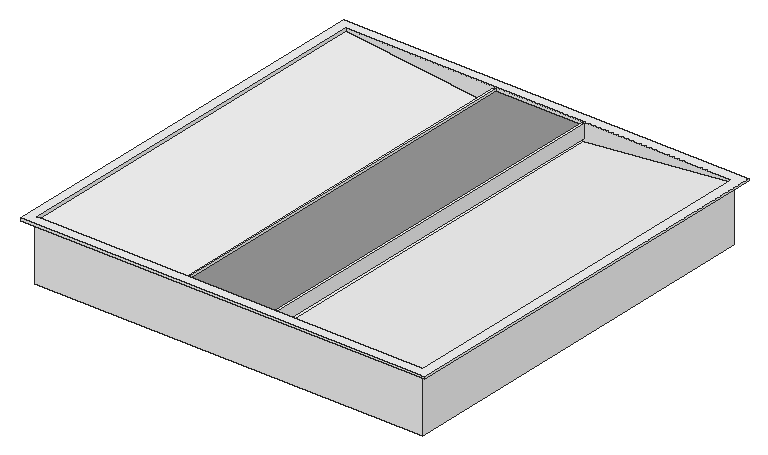
Revit family "2069242 Sylvania Lighting Fixture OFFICELYTE 600 HE 3K SSH01", category Lighting Fixtures, host Face, Revit 2017
Family settings
  Host = Face
  Round Connector Dimension = Use Diameter
  Part Type = Normal
  OmniClass Number = 23.80.70.11.17
  OmniClass Title = Specialized Lighting by Location or Use
  Cut with Voids When Loaded = No
  Light Source = Yes
  Shared = No
  Room Calculation Point = No
Parameters (values of type "2069242 OFFICELYTE 600 HE 3K SSH01")
  Width_SYL = 595.0 mm
  Weight = "6.1 kg"
  Wattage = 25 W
  WarrantyStartDate [instance] = "n/a"
  WarrantyGuarantorParts = "n/a"
  WarrantyDurationUnit = "n/a"
  WarrantyDurationParts = "n/a"
  WarrantyDescription = "n/a"
  built-in parameter 1150110 = 1 (stored number, unit not read)
  Voltage = 230 V
  URL = "http://www.sylvania-lighting.com"
  TypeName = "OFFICELYTE 600 HE 3K SSH01"
  built-in parameter 1114217 = 1 (stored number, unit not read)
  Tilt Angle = -90.00°
  built-in parameter 1150109 = 1 (stored number, unit not read)
  built-in parameter 1150134 = (empty or 0)
  built-in parameter 1150113 = 1 (stored number, unit not read)
  SerialNumber [instance] = "n/a"
  PowerFactor = 0.95
  PowerConsumption = "25 W"
  Photometric Web File = "2069242.ies"
  NominalWidth = 0.0 mm
  NominalLength = 595.0 mm
  NominalHeight = 87.0 mm
  Name = "OFFICELYTE 600 HE 3K SSH01"
  ModelReference = "OFFICELYTE 600 HE 3K SSH01"
  ModelNumber = "2069242"
  Material = "zintec housing, acrylic diffuser"
  ManufacturerName = "Feilo Sylvania"
  LuminousEfficacy = "134 lm/W"
  LuminaireType = ""
  LightOutputRatio = "100"
  Length_SYL = Width_SYL  # 595.0 mm
  LampsType = Lamp  # "LED"
  LampNominalLuminous = "3345 lm"
  LampMacAdamStep = "3"
  LampColourTemperature = "3000 K"
  LampColourRenderingIndex = "80"
  Keynote = "16500"
  InstallationDate [instance] = "n/a"
  InputVoltage = "230-240V~"
  InputNominalFrequency = "50/60 Hz"
  IngressProtection = "IP20"
  ImpactProtectionIndex = "IK02"
  IfcExportType = "IfcLightFixtureType"
  IfcExportAs = "IfcLightFixtureType"
  Height_SYL = 84.0 mm
  ExpectedLife = 50000
  ElectricShockClassification = "Class II"
  DurationUnit = "hours"
  DocumentationLiterature = "http://www.sylvania-lighting.com/product/en-int/products/2069242"
  DimmingControlOptions = "n/a"
  Material_2_SYL = Acrylic_Sylvania_Officelyte LP LED_Satin_4000K
  CreatedOn = "8/23/2018"
  CreatedBy = ""
  built-in parameter 1114216 [instance] = 1 (stored number, unit not read)
  Model = "OFFICELYTE 600 HE 3K SSH01"
  Manufacturer = "Havells-Sylvania Group"  # constant formula
  built-in parameter 1150105 = 266.58 (stored number, unit not read)
  Lumens = 3350 lm
  built-in parameter 1150115 = 1 (stored number, unit not read)
  built-in parameter 1150137 = (empty or 0)
  built-in parameter 1150139 = (empty or 0)
  built-in parameter 1150112 = 1 (stored number, unit not read)
  built-in parameter 1150114 = 1 (stored number, unit not read)
  Lamp = "LED"
  built-in parameter 1150132 = 2
  built-in parameter 1150102 = (empty or 0)
  built-in parameter 1150107 = 3000 (stored number, unit not read)
  built-in parameter 1150138 = (empty or 0)
  built-in parameter 1150106 = 2.6658 (stored number, unit not read)
  Material_3_SYL = Steel_Sylvania_Officelyte LP LED_White_RAL 9016
  Emit from Rectangle Width = Width_SYL - 31.0 mm  # 564.0 mm
  Emit from Rectangle Length = Length_SYL - 31.0 mm  # 564.0 mm
  Emit Shape Visible in Rendering = no
  built-in parameter 1150104 = 12.449 (stored number, unit not read)
  Dimming Lamp Color Temperature Shift = <None>
  Material_1_SYL = Steel_Sylvania_Officelyte LP LED_White_RAL 9016
  Description = "The Concord OFFICELYTE LP LED HO 4K 600 is a high efficient luminaire for Office, education, meeting rooms. With efficacy of 95lm/W, at 4549lm, CRI of 85 and a very low glare ratio according to EN12464."  # constant formula
  Default Elevation = 0.0 mm
  Color Filter = 16777215
  built-in parameter 1140040 [instance] = 1
  BarCode [instance] = "n/a"
  built-in parameter 1114218 = 1 (stored number, unit not read)
  built-in parameter 1150133 = 10 (stored number, unit not read)
  AssetType = "Fixed"
  AssetIdentifier [instance] = "n/a"
  Assembly Code = "D5020200"
  Apparent Load = 25 VA
Reference planes
  plane 1 "Center (Front/Back)": y = 0
  plane 2: z = 0
  plane 3 "Center (Left/Right)": x = 0
  plane 4 "Fixture Bottom": z = 3
  plane 5 "Fixture Right": x = 297.5
  plane 6 "Profile Right": x = 284
  plane 7 "Profile Left": x = -284
  plane 8 "Fixture Left": x = -297.5
  plane 9 "Profile Back": y = 284
  plane 10 "Fixture Back": y = 297.5
  plane 11 "Fixture Front": y = -297.5
  plane 12: z = -25
  plane 13 "Box Right": x = 286
  plane 14 "Box Left": x = -286
  plane 15 "Box Back": y = 286
  plane 16 "Box Front": y = -286
  plane 17: x = 66.5
  plane 18: x = -66.5
  plane 19 "Difuser Right": x = 63.5
  plane 20 "Difuser Left": x = -63.5
  plane 21: z = -2
  plane 22: z = -4
  plane 23 "Profile Front": y = -284
  plane 24 "Fixture Top": z = -84
  plane 25 "Box Thickness": z = -82
  plane 26: z = -20
Forms (mm)
  Extrusion 1, void
    sketch origin (0, 0, 59) x (-1, 0, 0) y (0, -1, 0)
      loop
        line (-286, -286) -> (286, -286) -> (286, 286) -> (-286, 286) -> (-286, -286)
    from -141 to -56
  Extrusion 2, solid, material "Steel_Sylvania_Officelyte LP LED_White_RAL 9016" <- "Material_3_SYL", detail levels fine
    sketch origin (20, 0, 59) x (-1, 0, 0) y (0, -1, 0)
      loop
        line (-277.5, -297.5) -> (317.5, -297.5) -> (317.5, 297.5) -> (-277.5, 297.5) -> (-277.5, -297.5)
      loop
        line (304, -284) -> (304, 284) -> (-264, 284) -> (-264, -284) -> (304, -284)
    from -59 to -56
  Extrusion 3, solid, material "Steel_Sylvania_Officelyte LP LED_White_RAL 9016" <- "Material_3_SYL", detail levels fine
    sketch origin (0, 0, 0) x (1, 0, 0) y (0, 0, 1)
      loop
        arc (-65.868, -23.244) -> (-175.523, -17.552) -> (-284, -0.537) r 1059.086
        line (-284, -0.537) -> (-284, -2.581)
        arc (-284, -2.581) -> (-175.521, -19.563) -> (-65.868, -25.244) r 1061.086
        line (-65.868, -25.244) -> (65.87, -25.244)
        arc (65.87, -25.244) -> (175.522, -19.563) -> (284, -2.581) r 1061.094
        line (284, -2.581) -> (284, -0.538)
        arc (284, -0.538) -> (175.524, -17.552) -> (65.87, -23.244) r 1059.094
        line (65.87, -23.244) -> (-65.868, -23.244)
    from -284 to 284
  Extrusion 4, solid, material "Steel_Sylvania_Officelyte LP LED_White_RAL 9016" <- "Material_3_SYL", detail levels fine
    sketch origin (0, 0, 59) x (-1, 0, 0) y (0, -1, 0)
      loop
        line (284, -284) -> (284, 284) -> (-284, 284) -> (-284, -284) -> (284, -284)
      loop
        line (286, -286) -> (286, 286) -> (-286, 286) -> (-286, -286) -> (286, -286)
    from -141 to -59
  Extrusion 5, solid, material "Steel_Sylvania_Officelyte LP LED_White_RAL 9016" <- "Material_3_SYL", detail levels fine
    sketch origin (0, 0, 59) x (-1, 0, 0) y (0, -1, 0)
      loop
        line (66.5, -284) -> (66.5, 284) -> (63.5, 284) -> (63.5, -284) -> (66.5, -284)
      loop
        line (-66.5, 284) -> (-66.5, -284) -> (-63.5, -284) -> (-63.5, 284) -> (-66.5, 284)
    from -79 to -59
  Extrusion 6, solid, material "Acrylic_Sylvania_Officelyte LP LED_Satin_4000K" <- "Material_2_SYL", detail levels fine
    sketch origin (0, 0, -581) x (-1, 0, 0) y (0, -1, 0)
      loop
        line (-63.5, -284) -> (63.5, -284) -> (63.5, 284) -> (-63.5, 284) -> (-63.5, -284)
    from 577 to 579
  Extrusion 7, solid, material "Steel_Sylvania_Officelyte LP LED_White_RAL 9016" <- "Material_1_SYL", detail levels coarse+medium
    sketch origin (0, 0, 59) x (-1, 0, 0) y (0, -1, 0)
      loop
        line (297.5, -297.5) -> (297.5, 297.5) -> (-297.5, 297.5) -> (-297.5, -297.5) -> (297.5, -297.5)
    from -59 to -56
  Extrusion 8, solid, material "Steel_Sylvania_Officelyte LP LED_White_RAL 9016" <- "Material_1_SYL", detail levels coarse+medium
    sketch origin (0, 0, -501) x (-1, 0, 0) y (0, -1, 0)
      loop
        line (286, -286) -> (286, 286) -> (-286, 286) -> (-286, -286) -> (286, -286)
    from 417 to 501
  Extrusion 9, solid, material "Steel_Sylvania_Officelyte LP LED_White_RAL 9016" <- "Material_3_SYL", detail levels fine
    sketch origin (0, 0, 59) x (-1, 0, 0) y (0, -1, 0)
      loop
        line (-286, -286) -> (286, -286) -> (286, 286) -> (-286, 286) -> (-286, -286)
    from -143 to -141
Cuts and joins
  joined: Extrusion 2, Extrusion 4, Extrusion 9
  joined: Extrusion 3, Extrusion 5
Lines and regions (mm)
  symbolic lines
    curve 1: line (-297.5, 297.5, 59) -> (297.5, 297.5, 59)
    curve 2: line (-297.5, -297.5, 59) -> (-297.5, 297.5, 59)
    curve 3: line (297.5, -297.5, 59) -> (-297.5, -297.5, 59)
    curve 4: line (297.5, 297.5, 59) -> (297.5, -297.5, 59)
Dimensions and locks
  "Height_SYL": host face to plane 24 "Fixture Top"
  locked: plane 25 "Box Thickness" to plane 24 "Fixture Top" at 2
  "Width_SYL": plane 10 "Fixture Back" to plane 11 "Fixture Front"
  "Length_SYL": plane 8 "Fixture Left" to plane 5 "Fixture Right"
  equal spacing: plane 10 "Fixture Back", plane 1 "Center (Front/Back)", plane 11 "Fixture Front"
  equal spacing: plane 8 "Fixture Left", plane 3 "Center (Left/Right)", plane 5 "Fixture Right"
  locked: plane 18 to plane 20 "Difuser Left" at 3
  locked: plane 19 "Difuser Right" to plane 17 at 3
  plane 8 "Fixture Left" to plane 14 "Box Left" to plane 7 "Profile Left" = 11.5 mm locked, 2.0 mm locked
  plane 10 "Fixture Back" to plane 15 "Box Back" to plane 9 "Profile Back" = 11.5 mm locked, 2.0 mm locked
  plane 6 "Profile Right" to plane 13 "Box Right" to plane 5 "Fixture Right" = 2.0 mm locked, 11.5 mm locked
  plane 23 "Profile Front" to plane 16 "Box Front" to plane 11 "Fixture Front" = 2.0 mm locked, 11.5 mm locked
  plane 4 "Fixture Bottom" to plane 2 to plane 21 to plane 22 to plane 12 = 3.0 mm locked, 2.0 mm locked, 2.0 mm locked, 21.0 mm locked
  aligned and locked: plane 2 to host face
  aligned and locked: level to host face
  aligned and locked: plane 1 "Center (Front/Back)" to imposter light
  aligned and locked: plane 10 "Fixture Back" to Extrusion 2
  aligned and locked: plane 8 "Fixture Left" to Extrusion 2
  aligned and locked: Extrusion 2 to plane 7 "Profile Left"
  aligned and locked: Extrusion 2 to plane 5 "Fixture Right"
  aligned and locked: plane 6 "Profile Right" to Extrusion 2
  aligned and locked: Extrusion 2 to plane 11 "Fixture Front"
  aligned and locked: plane 4 "Fixture Bottom" to Extrusion 2
  aligned and locked: plane 18 to Extrusion 5 sketch curve
  aligned and locked: Extrusion 5 sketch curve to plane 17
  aligned and locked: plane 19 "Difuser Right" to Extrusion 5 sketch curve
  aligned and locked: Extrusion 5 sketch curve to plane 20 "Difuser Left"
  aligned and locked: plane 19 "Difuser Right" to Extrusion 6 sketch curve
  aligned and locked: Extrusion 6 sketch curve to plane 20 "Difuser Left"
  aligned and locked: plane 21 to Extrusion 6
  aligned and locked: Extrusion 6 to plane 22
  aligned and locked: Extrusion 7 sketch curve to plane 10 "Fixture Back"
  aligned and locked: plane 5 "Fixture Right" to Extrusion 7 sketch curve
  aligned and locked: plane 11 "Fixture Front" to Extrusion 7 sketch curve
  aligned and locked: Extrusion 7 sketch curve to plane 8 "Fixture Left"
  aligned and locked: plane 4 "Fixture Bottom" to Extrusion 7
  aligned and locked: Extrusion 8 to plane 24 "Fixture Top"
  aligned and locked: level to Extrusion 8
  aligned and locked: plane 5 "Fixture Right" to curve 4
  aligned and locked: curve 1 to plane 10 "Fixture Back"
  aligned and locked: curve 2 to plane 8 "Fixture Left"
  aligned and locked: plane 11 "Fixture Front" to curve 3
  aligned and locked: plane 9 "Profile Back" to Extrusion 4
  aligned and locked: Extrusion 4 sketch curve to plane 9 "Profile Back"
  aligned and locked: Extrusion 4 to Extrusion 1
  aligned and locked: imposter light to Extrusion 1
  aligned and locked: Extrusion 9 to plane 24 "Fixture Top"
  aligned and locked: plane 25 "Box Thickness" to Extrusion 9
  aligned and locked: cut or joined group of Extrusion 2, Extrusion 4, Extrusion 9 to plane 25 "Box Thickness"
  aligned and locked: Extrusion 4 sketch curve to plane 13 "Box Right"
  aligned and locked: plane 15 "Box Back" to Extrusion 4 sketch curve
  aligned and locked: Extrusion 4 sketch curve to plane 14 "Box Left"
  aligned and locked: plane 16 "Box Front" to Extrusion 4 sketch curve
  aligned and locked: Extrusion 9 sketch curve to plane 16 "Box Front"
  aligned and locked: plane 13 "Box Right" to Extrusion 9 sketch curve
  aligned and locked: Extrusion 9 sketch curve to plane 15 "Box Back"
  aligned and locked: Extrusion 9 sketch curve to plane 14 "Box Left"
  aligned and locked: plane 7 "Profile Left" to cut or joined group of Extrusion 3, Extrusion 5
  aligned and locked: cut or joined group of Extrusion 3, Extrusion 5 to plane 6 "Profile Right"
  aligned and locked: plane 9 "Profile Back" to cut or joined group of Extrusion 3, Extrusion 5
  aligned and locked: cut or joined group of Extrusion 3, Extrusion 5 to plane 23 "Profile Front"
  aligned and locked: plane 23 "Profile Front" to Extrusion 5 sketch curve
  aligned and locked: Extrusion 5 sketch curve to plane 9 "Profile Back"
  aligned and locked: Extrusion 8 sketch curve to plane 13 "Box Right"
  aligned and locked: plane 15 "Box Back" to Extrusion 8 sketch curve
  aligned and locked: plane 16 "Box Front" to Extrusion 8 sketch curve
  aligned and locked: plane 14 "Box Left" to Extrusion 8 sketch curve
  aligned and locked: Extrusion 1 sketch curve to Extrusion 8  (x4)
  aligned and locked: Extrusion 6 sketch curve to plane 23 "Profile Front"
  aligned and locked: plane 9 "Profile Back" to Extrusion 6 sketch curve
  aligned and locked: cut or joined group of Extrusion 3, Extrusion 5 to plane 26
  aligned and locked: plane 4 "Fixture Bottom" to imposter light
Automatic sketch dimensions
  host sketch curve to host sketch curve = 1305.563 mm
  host sketch curve to host sketch curve = 1414.187 mm
  Extrusion 2 sketch curve to plane 5 "Fixture Right" = 0.0 mm
  Extrusion 2 sketch curve to plane 6 "Profile Right" = 0.0 mm
  Extrusion 2 sketch curve to plane 7 "Profile Left" = 0.0 mm
  Extrusion 2 sketch curve to plane 8 "Fixture Left" = 0.0 mm
  Extrusion 2 sketch curve to plane 10 "Fixture Back" = 0.0 mm
  plane 9 "Profile Back" to Extrusion 2 sketch curve = 0.0 mm
  Extrusion 2 sketch curve to plane 23 "Profile Front" = 0.0 mm
  Extrusion 2 sketch curve to plane 11 "Fixture Front" = 0.0 mm
  Extrusion 3 sketch curve to Extrusion 3 sketch curve = 0.0 mm  (x2)
  Extrusion 3 sketch curve to Extrusion 3 sketch curve = 0.001 mm  (x2)
  Extrusion 3 sketch curve to level = 0.537 mm
  plane 14 "Box Left" to Extrusion 3 sketch curve = 2.0 mm
  Extrusion 3 sketch curve to plane 12 = 0.244 mm
  plane 18 to Extrusion 3 sketch curve = 0.632 mm
  Extrusion 3 sketch curve to plane 17 = 0.63 mm
  Extrusion 3 sketch curve to level = 0.538 mm
  Extrusion 3 sketch curve to plane 13 "Box Right" = 2.0 mm
  Extrusion 3 sketch curve to level = 23.244 mm
  Extrusion 4 sketch curve to plane 6 "Profile Right" = 0.0 mm
  Extrusion 4 sketch curve to plane 7 "Profile Left" = 0.0 mm
  Extrusion 4 sketch curve to plane 23 "Profile Front" = 0.0 mm
  Extrusion 5 sketch curve to plane 9 "Profile Back" = 0.0 mm
  Extrusion 5 sketch curve to plane 23 "Profile Front" = 0.0 mm
Connectors
  electrical at (0, 0, -84), driven by "Apparent Load"
    settings: on Extrusion 8, index 1, voltage 230 V, apparent load 0 VA, apparent load phase1 25 VA, apparent load phase2 0 VA, apparent load phase3 0 VA, power factor 1, load classification "Lighting", number of poles 1, system type 31, power factor state 1, is connector primary yes, connector utility no, sub classification motor no, connector description ""
